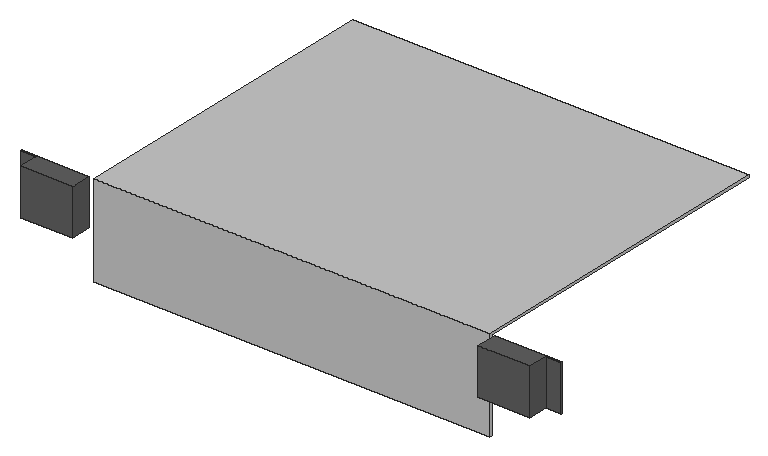
Revit family "Levelers_Serco_HFC", category Specialty Equipment, host Floor, Revit 2026
Family settings
  Host = Floor
  Round Connector Dimension = Use Diameter
  Part Type = Normal
  Enable Cutting in Views = No
  Always vertical = Yes
  Cut with Voids When Loaded = Yes
  Maintain Annotation Orientation = No
  Shared = No
  Room Calculation Point = No
Parameters (values of type "66.5")
  URL = "http://sercoentrematic.com/"
  Model = "HFC"
  Manufacturer = "Serco Entrematic"
  Description = "Hydraulic Leveler"
  LipExtension = 0' - 0"
  PitWidth = 6' - 7"
  PitLength = 5' - 3"
  PitDepthR = PitDepth - 0' 0 1/2"  # 1' - 7 1/2"
  PitDepth = 1' - 8"
  LipLength = 1' - 6"
  Default Elevation = 0' - 0"
  Curb = 0' - 3"
  Capacity = "30-50k"
Types (24): name | Model | LipExtension | PitWidth | PitLength | PitDepthR | PitDepth
  6 | "HFC" | 0' - 0" | 6' - 1" | 5' - 3" | 1' - 7 1/2" | 1' - 8"
  86 | "HFC" | 0' - 0" | 6' - 1" | 7' - 3" | 1' - 7 1/2" | 1' - 8"
  66.5 | "HFC" | 0' - 0" | 6' - 7" | 5' - 3" | 1' - 7 1/2" | 1' - 8"
  86.5 | "HFC" | 0' - 0" | 6' - 7" | 7' - 3" | 1' - 7 1/2" | 1' - 8"
  67 | "HFC" | 0' - 0" | 7' - 1" | 5' - 3" | 1' - 7 1/2" | 1' - 8"
  87 | "HFC" | 0' - 0" | 7' - 1" | 7' - 3" | 1' - 7 1/2" | 1' - 8"
  106 | "HFC" | 0' - 0" | 6' - 1" | 9' - 3" | 1' - 11 1/2" | 2' - 0"
  106.5 | "HFC" | 0' - 0" | 6' - 7" | 9' - 3" | 1' - 11 1/2" | 2' - 0"
  107 | "HFC" | 0' - 0" | 7' - 1" | 9' - 3" | 1' - 11 1/2" | 2' - 0"
  106 Barrier Lip | "HFC" | 0' - 5" | 6' - 1" | 9' - 3" | 1' - 11 1/2" | 2' - 0"
  106.5 Barrier Lip | "HFC" | 0' - 5" | 6' - 7" | 9' - 3" | 1' - 11 1/2" | 2' - 0"
  107 Barrier Lip | "HFC" | 0' - 5" | 7' - 1" | 9' - 3" | 1' - 11 1/2" | 2' - 0"
  6 Barrier Lip | "HFC" | 0' - 5" | 6' - 1" | 5' - 3" | 1' - 7 1/2" | 1' - 8"
  66.5 Barrier Lip | "HFC" | 0' - 5" | 6' - 7" | 5' - 3" | 1' - 7 1/2" | 1' - 8"
  67 Barrier Lip | "HFC" | 0' - 5" | 7' - 1" | 5' - 3" | 1' - 7 1/2" | 1' - 8"
  86 Barrier Lip | "HL" | 0' - 5" | 6' - 1" | 7' - 3" | 1' - 7 1/2" | 1' - 8"
  86.5 Barrier Lip | "HFC" | 0' - 5" | 6' - 7" | 7' - 3" | 1' - 7 1/2" | 1' - 8"
  87 Barrier Lip | "HFC" | 0' - 5" | 7' - 1" | 7' - 3" | 1' - 7 1/2" | 1' - 8"
  126 | "HFC" | 0' - 0" | 6' - 1" | 11' - 3" | 1' - 11 1/2" | 2' - 0"
  126 Barrier Lip | "HFC" | 0' - 5" | 6' - 1" | 11' - 3" | 1' - 11 1/2" | 2' - 0"
  126.5 | "HFC" | 0' - 0" | 6' - 7" | 11' - 3" | 1' - 11 1/2" | 2' - 0"
  126.5 Barrier Lip | "HFC" | 0' - 5" | 6' - 7" | 11' - 3" | 1' - 11 1/2" | 2' - 0"
  127 | "HFC" | 0' - 0" | 7' - 1" | 11' - 3" | 1' - 11 1/2" | 2' - 0"
  127 Barrier Lip | "HFC" | 0' - 5" | 7' - 1" | 11' - 3" | 1' - 11 1/2" | 2' - 0"
Reference planes (in)
  plane 1 "Center (Front/Back)": y = 0
  plane 2: z = 0
  plane 3 "Center (Left/Right)": x = 0
  plane 4 "Lip Width": y = -59.5
  plane 5 "pit right": x = 39.5
  plane 6 "Pit left": x = -39.5
  plane 7 "pit rear": y = 3
  plane 8 "curb angle left": x = -42.5
  plane 9: x = -38.5
  plane 10 "curb angle right": x = 42.5
  plane 11: x = 38.5
  plane 12 "curb angle rear": y = 6
  plane 13 "Curb angle - Front": y = -57
  plane 14 "Edge of Dock": y = -60
  plane 15: z = -0.5
  plane 16: z = -19.5
  plane 17: z = -20
  plane 18: y = -9
  plane 19: y = -48
  plane 20 "Lip Length": z = -18
  plane 21: x = 60.5
  plane 22: x = -60.5
  plane 23: z = -3
  plane 24: z = -23
  plane 25: z = 0
  plane 26: z = 0
  plane 27: z = -12
  plane 28: x = 14
  plane 29: x = -52.625
  plane 30: x = -49.625
  plane 31: y = -64
  plane 32: y = -60.25
  plane 33: x = 52.625
  plane 34: x = 49.625
  plane 35: z = -9
Forms (in)
  Extrusion 1, void
    sketch origin (0, 0, 0) x (0, 1, 0) y (0, 0, 1)
      loop
        line (3, 0) -> (-60, 0) -> (-60, -20) -> (-48, -20) -> (-9, -19.5) -> (3, -19.5) -> (3, 0)
    from -39.5 to 39.5
  Extrusion 2, solid, material "Serco Diamond"
    sketch origin (0, 0, 0) x (1, 0, 0) y (0, 1, 0)
      loop
        line (-38.5, 3) -> (-38.5, -60) -> (38.5, -60) -> (38.5, 3) -> (-38.5, 3)
    from -0.5 to 0
  Extrusion 3, solid, material "Serco Diamond"
    sketch origin (0, 0, 0) x (1, 0, 0) y (0, 0, 1)
      loop
        line (-38.5, 0) -> (-38.5, -18) -> (38.5, -18) -> (38.5, 0) -> (-38.5, 0)
    from 59.5 to 60
  Extrusion 4, solid, material "BUMPER"
    sketch origin (0, 0, 0) x (-1, 0, 0) y (0, -1, 0)
      loop
        line (39.5, 60) -> (52.625, 60) -> (52.625, 60.25) -> (49.625, 60.25) -> (49.625, 64) -> (39.5, 64) -> (39.5, 60)
      loop
        line (-39.5, 60) -> (-39.5, 64) -> (-49.625, 64) -> (-49.625, 60.25) -> (-52.625, 60.25) -> (-52.625, 60) -> (-39.5, 60)
    from -9 to 0
Cuts and joins
  joined: Extrusion 2, Extrusion 3
Lines and regions (in)
  model lines
    curve 1: line (-42.5, 6, 0) -> (42.5, 6, 0)
    curve 2: line (42.5, 6, 0) -> (42.5, 3, 0)
    curve 3: line (42.5, 3, 0) -> (-42.5, 3, 0)
    curve 4: line (-42.5, 3, 0) -> (-42.5, 6, 0)
    curve 5: line (-42.5, 3, 0) -> (-42.5, -57, 0)
    curve 6: line (-39.5, -57, 0) -> (-39.5, 3, 0)
    curve 7: line (-39.5, -57, 0) -> (-60.5, -57, 0)
    curve 8: line (-60.5, -57, 0) -> (-60.5, -60, 0)
    curve 9: line (-60.5, -60, 0) -> (-39.5, -60, 0)
    curve 10: line (42.5, 3, 0) -> (42.5, -57, 0)
    curve 11: line (39.5, -57, 0) -> (39.5, 3, 0)
    curve 12: line (39.5, -60, 0) -> (60.5, -60, 0)
    curve 13: line (60.5, -60, 0) -> (60.5, -57, 0)
    curve 14: line (60.5, -57, 0) -> (39.5, -57, 0)
    curve 15: line (-60.5, -60, 0) -> (-60.5, -60, -3)
    curve 16: line (-60.5, -60, -3) -> (-39.5, -60, -3)
    curve 17: line (-39.5, -60, -3) -> (-39.5, -60, 0)
    curve 18: line (-42.5, -60, -3) -> (-42.5, -60, -23)
    curve 19: line (-42.5, -60, -20) -> (-39.5, -60, -20)
    curve 20: line (-42.5, -60, -23) -> (42.5, -60, -23)
    curve 21: line (42.5, -60, -23) -> (42.5, -60, -3)
    curve 22: line (39.5, -60, -20) -> (42.5, -60, -20)
    curve 23: line (39.5, -60, -20) -> (39.5, -60, 0)
    curve 24: line (39.5, -60, -3) -> (60.5, -60, -3)
    curve 25: line (60.5, -60, -3) -> (60.5, -60, 0)
    curve 26: line (-39.5, -60, -3) -> (-39.5, -60, -20)
    curve 27: line (-39.5, -60, -20) -> (39.5, -60, -20)
    curve 28: line (-39.5, -57, 0) -> (-39.5, -60, 0)
    curve 29: line (39.5, -57, 0) -> (39.5, -60, 0)
Dimensions and locks (in)
  equal spacing: host sketch curve, plane 1 "Center (Front/Back)", host sketch curve
  equal spacing: host sketch curve, plane 3 "Center (Left/Right)", host sketch curve
  host sketch curve to host sketch curve = 10' - 0"  (x2)
  equal spacing: plane 6 "Pit left", plane 3 "Center (Left/Right)", plane 5 "pit right"
  "PitWidth": plane 6 "Pit left" to plane 5 "pit right"
  "PitLength": plane 14 "Edge of Dock" to plane 7 "pit rear"
  "Curb": plane 8 "curb angle left" to plane 6 "Pit left"
  locked: plane 6 "Pit left" to plane 9 at 1
  locked: plane 11 to plane 5 "pit right" at 1
  "Curb": plane 5 "pit right" to plane 10 "curb angle right"
  "Curb": plane 7 "pit rear" to plane 12 "curb angle rear"
  "Curb": plane 14 "Edge of Dock" to plane 13 "Curb angle - Front"
  "PitDepthR": level to plane 16
  "PitDepth": level to plane 17
  locked: plane 7 "pit rear" to plane 18 at 12
  locked: plane 19 to plane 14 "Edge of Dock" at 12
  "LipLength": level to plane 20 "Lip Length"
  locked: plane 22 to plane 6 "Pit left" at 21
  locked: plane 5 "pit right" to plane 21 at 21
  "LipExtension": plane 26 to level
  locked: plane 24 to plane 17 at 3
  locked: level to plane 15 at 0.5
  locked: plane 14 "Edge of Dock" to plane 4 "Lip Width" at 0.5
  locked: plane 3 "Center (Left/Right)" to plane 28 at 14
  locked: level to plane 27 at 12
  locked: connector elem to plane 7 "pit rear" at 9
  locked: plane 16 to connector elem at 5
  locked: plane 32 to curve 9 at 0.25
  locked: plane 31 to curve 9 at 4
  locked: plane 30 to plane 6 "Pit left" at 10.125
  locked: plane 29 to plane 6 "Pit left" at 13.125
  locked: level to plane 35 at 9
  aligned and locked: level to plane 2
  aligned and locked: plane 14 "Edge of Dock" to host floor
  aligned and locked: plane 19 to Extrusion 1 sketch curve
  aligned and locked: plane 16 to Extrusion 1 sketch curve
  aligned and locked: Extrusion 1 sketch curve to plane 18
  aligned and locked: plane 17 to Extrusion 1 sketch curve
  aligned and locked: Extrusion 1 sketch curve to plane 14 "Edge of Dock"
  aligned and locked: Extrusion 1 to plane 6 "Pit left"
  aligned and locked: Extrusion 1 to plane 5 "pit right"
  aligned and locked: plane 7 "pit rear" to Extrusion 2 sketch curve
  aligned and locked: Extrusion 2 sketch curve to plane 9
  aligned and locked: Extrusion 2 sketch curve to plane 14 "Edge of Dock"
  aligned and locked: Extrusion 2 to plane 15
  aligned and locked: level to Extrusion 2
  aligned and locked: Extrusion 3 sketch curve to Extrusion 2
  aligned and locked: plane 20 "Lip Length" to Extrusion 3 sketch curve
  aligned and locked: Extrusion 3 sketch curve to plane 11
  aligned and locked: Extrusion 3 to plane 14 "Edge of Dock"
  aligned and locked: Extrusion 3 to plane 4 "Lip Width"
  aligned and locked: Extrusion 2 sketch curve to plane 11
  aligned and locked: curve 7 to plane 13 "Curb angle - Front"
  aligned and locked: curve 8 to plane 22
  aligned and locked: curve 5 to plane 8 "curb angle left"
  aligned and locked: plane 6 "Pit left" to curve 6
  aligned and locked: curve 3 to plane 7 "pit rear"
  aligned and locked: plane 12 "curb angle rear" to curve 1
  aligned and locked: curve 2 to plane 10 "curb angle right"
  aligned and locked: plane 5 "pit right" to curve 11
  aligned and locked: curve 10 to plane 10 "curb angle right"
  aligned and locked: curve 14 to plane 13 "Curb angle - Front"
  aligned and locked: plane 14 "Edge of Dock" to curve 12
  aligned and locked: curve 13 to plane 21
  aligned and locked: plane 24 to curve 18
  aligned and locked: curve 16 to plane 23
  aligned and locked: curve 15 to plane 22
  aligned and locked: plane 6 "Pit left" to curve 17
  aligned and locked: curve 22 to plane 5 "pit right"
  aligned and locked: curve 21 to plane 10 "curb angle right"
  aligned and locked: curve 22 to plane 17
  aligned and locked: curve 25 to plane 21
  aligned and locked: curve 19 to curve 27
  aligned and locked: curve 9 to plane 14 "Edge of Dock"
  aligned and locked: plane 26 to Extrusion 3 sketch curve
  aligned and locked: plane 23 to curve 24
  aligned and locked: plane 24 to curve 20
  aligned and locked: cut or joined group of Extrusion 2, Extrusion 3 to plane 7 "pit rear"  (x9)
  aligned and locked: Extrusion 4 sketch curve to plane 6 "Pit left"
  aligned and locked: Extrusion 4 sketch curve to plane 30
  aligned and locked: Extrusion 4 sketch curve to plane 29
  aligned and locked: plane 32 to Extrusion 4 sketch curve
  aligned and locked: plane 31 to Extrusion 4 sketch curve
  aligned and locked: plane 34 to Extrusion 4 sketch curve
  aligned and locked: Extrusion 4 sketch curve to plane 33
  aligned and locked: Extrusion 4 sketch curve to plane 5 "pit right"
  aligned and locked: Extrusion 4 sketch curve to plane 31
  aligned and locked: Extrusion 4 sketch curve to curve 12
  aligned and locked: Extrusion 4 sketch curve to plane 32
  aligned and locked: Extrusion 4 sketch curve to curve 9
  aligned and locked: plane 35 to Extrusion 4
  aligned and locked: level to Extrusion 4
Automatic sketch dimensions
  Extrusion 1 sketch curve to level = 0' - 0"
  Extrusion 1 sketch curve to plane 7 "pit rear" = 0' - 0"
  plane 8 "curb angle left" to curve 20 = 0' - 0"
  curve 25 to level = 0' - 0"
  plane 21 to curve 25 = 0' - 0"
  curve 27 to plane 17 = 0' - 0"
  curve 16 to plane 23 = 0' - 0"
  curve 23 to level = 0' - 0"
  curve 17 to level = 0' - 0"
  curve 15 to level = 0' - 0"
Connectors (in)
  electrical at (39.5, -6, -14.5)
    settings: on plane 5 "pit right", index 1, voltage 120 V, apparent load 0 VA, apparent load phase1 0 VA, apparent load phase2 0 VA, apparent load phase3 0 VA, power factor 1, load classification "Other", number of poles 1, system type 31, power factor state 1, is connector primary yes, connector utility no, sub classification motor no, connector description ""
